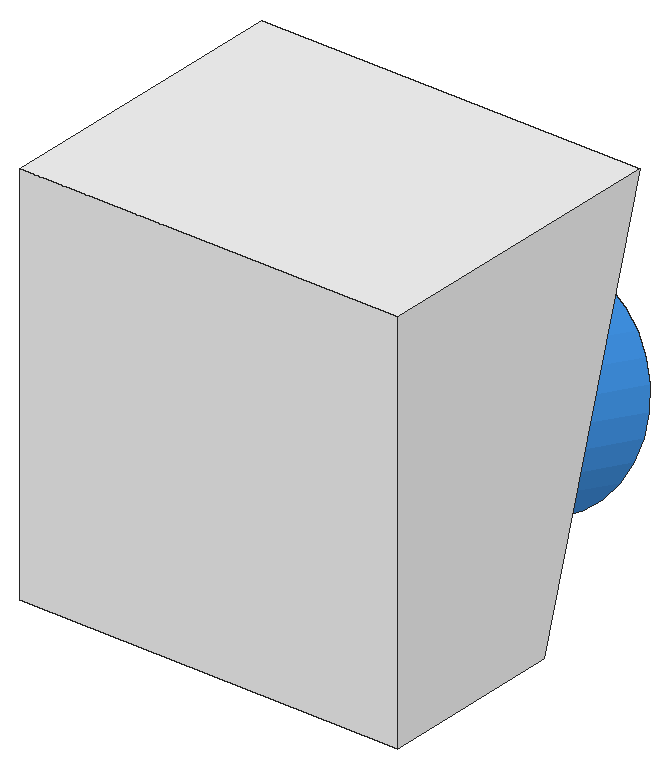
Revit family "Industrial Socket Outlet_Single Phase_Vertically Mounted", category Electrical Fixtures, Revit 2014
Parameters (values of type "#A Switched Weatherproof")
  Symbol_Offset_Maximum [instance] = 2500 mm  # constant formula
  Symbol_Offset_From Wall [instance] = 0 mm
  Symbol_Offset_Calculated [instance] = Symbol_Offset_Maximum - Symbol_Offset_Along Wall  # 2500 mm
  Symbol_Offset_Along Wall [instance] = 0 mm
  Material_Switch = Socket Blue
  Material = Electrical Fixture Faceplate
  Identity_Reference [instance] = ""
  Identity_Level [instance] = ""
  General_Weatherproof = yes
  General_Associated Equipment [instance] = ""
  Electrical_Voltage = 230 V
  Electrical_Power_Load Classification = Power
  Electrical_Power_Apparent = 0 VA
  Electrical_Power Factor = 1
  Electrical_Number of Poles = 1
  Electrical_Number of Phases = "SPN"
  Electrical_Current_Rated_Full Load = 0 A
  Dimensions_Length = 126 mm
  Dimensions_Height_Offset_Insertion [instance] = if(General_Mounting_Method_Top, 0 mm, if(General_Mounting_Method_Middle, Dimensions_Height / 2, if(General_Mounting_Method_Bottom, Dimensions_Height, 0 mm)))  # 0 mm
  Identity_NRM1_Description = "Power Installation"
  Identity_NRM1_Code = "5.8.2.1"
  Identity_Copyright = "Arup"  # constant formula
  Identity_Category = "PO"
  General_Mounting_Surface = yes
  General_Mounting_Method_Top [instance] = yes
  General_Mounting_Method_Middle [instance] = no
  General_Mounting_Method_Bottom [instance] = no
  General_Mounting_Method [instance] = if(General_Mounting_Method_Top, "Top", if(General_Mounting_Method_Middle, "Middle", if(General_Mounting_Method_Bottom, "Bottom", "Top")))  # "Top"
  Dimensions_Width = 126 mm
  Dimensions_Height_Mounting [instance] = 1050 mm
  Dimensions_Height = 129 mm
  Description = "Industrial Socket Outlet - Single Phase Unswitched Weatherproof"
  Control_Switch_Required = yes
  Control_Switch_No = not(Control_Switch_Required)  # no
  Control_Switch_Yes = not(Control_Switch_No)  # yes
  Component_Outlet_Power_Quantity = 1  # constant formula
  COBie.Type.NominalWidth [instance] = 126 mm
  COBie.Type.NominalLength [instance] = 126 mm
  COBie.Type.NominalHeight [instance] = 129 mm
  COBie.Type.Category = "L7471 : Terminal Devices - Socket Outlets"
Types (4, lengths in mm): name | General_Weatherproof | Dimensions_Length | Dimensions_Height_Offset_Insertion | General_Mounting_Method_Top | General_Mounting_Method_Middle | General_Mounting_Method | Description | Control_Switch_Required | Control_Switch_No | Control_Switch_Yes | COBie.Type.NominalLength
  #A Switched Weatherproof | yes | 126 | 0 | yes | no | "Top" | "Industrial Socket Outlet - Single Phase Unswitched Weatherproof" | yes | no | yes | 126
  #A Switched | no | 168 | 64.5 | no | yes | "Middle" | "Industrial Socket Outlet - Single Phase Switched" | yes | no | yes | 168
  #A Unswitched | no | 126 | 64.5 | no | yes | "Middle" | "Industrial Socket Outlet - Single Phase Unswitched" | no | yes | no | 168
  #A Unswitched Weatherproof | yes | 126 | 64.5 | no | yes | "Middle" | "Industrial Socket Outlet - Single Phase Unswitched Weatherproof" | no | yes | no | 126
Reference planes
  plane 1 "Center (Front/Back)": y = 0
  plane 2: z = 0
  plane 3 "Center (Left/Right)": x = 0
  plane 4 "Symbol Offset Along Wall": x = 0
  plane 5: x = 2500
  plane 6 "Symbol Offset From Wall": y = 0
  plane 7: z = 1050
  plane 8: z = 1050
Lines and regions (mm)
  symbolic lines, style "ElectricalFixtures", detail levels fine
    curve 1: line (-63, 101, 0) -> (-63, 0, 0)
    curve 2: line (-63, 0, 0) -> (63, 0, 0)
    curve 3: line (63, 0, 0) -> (63, 101, 0)
    curve 4: line (63, 101, 0) -> (-63, 101, 0)
  symbolic lines, style "ElectricalFixtures", visible <- "Control_Switch_Yes", detail levels fine
    curve 5: line (-46.881, 102.324, 0) -> (-46.881, 101, 0)
    curve 6: line (-46.881, 102.324, 0) -> (-9.888, 102.324, 0)
    curve 7: line (17.3, 122.254, 0) -> (17.3, 101, 0)
    curve 8: line (17.3, 122.254, 0) -> (33.1, 122.254, 0)
    curve 9: line (33.1, 101, 0) -> (33.1, 122.254, 0)
    curve 10: spline (33.1, 117.571, 0) -> (36.874, 117.246, 0) -> (40.502, 116.797, 0) -> (43.938, 116.232, 0) -> (47.139, 115.556, 0) -> (50.064, 114.778, 0) -> (52.677, 113.908, 0) -> (54.946, 112.958, 0) -> (56.841, 111.938, 0) -> (58.339, 110.861, 0) -> (59.421, 109.742, 0) -> (60.073, 108.594, 0) -> (60.288, 107.431, 0)
    curve 11: line (-9.888, 101, 0) -> (-9.888, 107.431, 0)
    curve 12: spline (-2.322, 101, 0) -> (-3.49, 101.463, 0) -> (-4.569, 101.945, 0) -> (-5.556, 102.444, 0) -> (-6.448, 102.958, 0) -> (-7.241, 103.486, 0) -> (-7.935, 104.027, 0) -> (-8.525, 104.578, 0) -> (-9.012, 105.138, 0) -> (-9.392, 105.705, 0) -> (-9.665, 106.277, 0) -> (-9.831, 106.854, 0) -> (-9.888, 107.431, 0)
    curve 13: spline (-9.888, 107.431, 0) -> (-9.673, 108.594, 0) -> (-9.021, 109.742, 0) -> (-7.939, 110.861, 0) -> (-6.441, 111.938, 0) -> (-4.546, 112.958, 0) -> (-2.277, 113.908, 0) -> (0.336, 114.778, 0) -> (3.261, 115.556, 0) -> (6.462, 116.232, 0) -> (9.898, 116.797, 0) -> (13.526, 117.246, 0) -> (17.3, 117.571, 0)
    curve 14: spline (60.288, 107.431, 0) -> (60.231, 106.854, 0) -> (60.065, 106.277, 0) -> (59.792, 105.705, 0) -> (59.412, 105.138, 0) -> (58.925, 104.578, 0) -> (58.335, 104.027, 0) -> (57.641, 103.486, 0) -> (56.848, 102.958, 0) -> (55.956, 102.444, 0) -> (54.969, 101.945, 0) -> (53.89, 101.463, 0) -> (52.722, 101, 0)
    curve 15: line (60.288, 101, 0) -> (60.288, 107.431, 0)
  symbolic lines, style "ElectricalFixtures", visible <- "Control_Switch_No", detail levels fine
    curve 16: line (-7.9, 122.254, 0) -> (-7.9, 101, 0)
    curve 17: line (-7.9, 122.254, 0) -> (7.9, 122.254, 0)
    curve 18: line (7.9, 101, 0) -> (7.9, 122.254, 0)
    curve 19: spline (7.9, 117.571, 0) -> (11.763, 117.236, 0) -> (15.471, 116.773, 0) -> (18.976, 116.187, 0) -> (22.231, 115.486, 0) -> (25.194, 114.679, 0) -> (27.825, 113.777, 0) -> (30.09, 112.791, 0) -> (31.959, 111.736, 0) -> (33.407, 110.623, 0) -> (34.416, 109.47, 0) -> (34.972, 108.289, 0) -> (35.068, 107.097, 0)
    curve 20: spline (-27.522, 101, 0) -> (-28.636, 101.441, 0) -> (-29.669, 101.898, 0) -> (-30.619, 102.371, 0) -> (-31.483, 102.858, 0) -> (-32.259, 103.358, 0) -> (-32.945, 103.87, 0) -> (-33.538, 104.391, 0) -> (-34.037, 104.921, 0) -> (-34.44, 105.458, 0) -> (-34.747, 106.001, 0) -> (-34.957, 106.548, 0) -> (-35.068, 107.097, 0)
    curve 21: spline (-35.068, 107.097, 0) -> (-34.972, 108.289, 0) -> (-34.416, 109.47, 0) -> (-33.407, 110.623, 0) -> (-31.959, 111.736, 0) -> (-30.09, 112.791, 0) -> (-27.825, 113.777, 0) -> (-25.194, 114.679, 0) -> (-22.231, 115.486, 0) -> (-18.976, 116.187, 0) -> (-15.471, 116.773, 0) -> (-11.763, 117.236, 0) -> (-7.9, 117.571, 0)
    curve 22: line (-35.068, 107.097, 0) -> (-35.068, 101, 0)
    curve 23: spline (35.068, 107.097, 0) -> (34.957, 106.548, 0) -> (34.747, 106.001, 0) -> (34.44, 105.458, 0) -> (34.037, 104.921, 0) -> (33.538, 104.391, 0) -> (32.945, 103.87, 0) -> (32.259, 103.358, 0) -> (31.483, 102.858, 0) -> (30.619, 102.371, 0) -> (29.669, 101.898, 0) -> (28.636, 101.441, 0) -> (27.522, 101, 0)
    curve 24: line (35.068, 107.097, 0) -> (35.068, 101, 0)
Dimensions and locks
  "Symbol_Offset_Maximum": plane 3 "Center (Left/Right)" to plane 5
  "Symbol_Offset_Calculated": plane 4 "Symbol Offset Along Wall" to plane 5
  "Dimensions_Height_Mounting": plane 8 to level
  "Dimensions_Height_Offset_Insertion": plane 7 to plane 8
  "Symbol_Offset_From Wall": plane 6 "Symbol Offset From Wall" to plane 1 "Center (Front/Back)"
  "COBie.Type.NominalWidth": nested 1 to nested 1
  "COBie.Type.NominalLength": nested 1 to nested 1
  "COBie.Type.NominalHeight": nested 1 to nested 1
  aligned and locked: level to plane 2
  aligned and locked: plane 4 "Symbol Offset Along Wall" to nested 2
  aligned and locked: nested 2 to plane 6 "Symbol Offset From Wall"
  aligned and locked: plane 7 to nested 1
Automatic sketch dimensions
  plane 1 "Center (Front/Back)" to curve 1 = 0 mm
  curve 20 to plane 3 "Center (Left/Right)" = 0 mm
  curve 21 to plane 3 "Center (Left/Right)" = 0 mm
  curve 16 to plane 3 "Center (Left/Right)" = 7.9 mm
  curve 11 to curve 16 = 1.988 mm
  curve 6 to curve 22 = 11.813 mm
  curve 1 to curve 5 = 16.119 mm
  plane 3 "Center (Left/Right)" to curve 17 = 7.9 mm
  curve 17 to curve 8 = 9.4 mm
  curve 7 to curve 8 = 15.8 mm
  curve 9 to curve 15 = 27.188 mm
  plane 3 "Center (Left/Right)" to curve 3 = 63 mm
  curve 1 to curve 4 = 101 mm
  curve 5 to curve 6 = 1.324 mm
  curve 22 to curve 22 = 6.097 mm
  curve 6 to curve 11 = 5.107 mm
  curve 15 to curve 15 = 6.431 mm
  curve 18 to curve 17 = 21.254 mm
  curve 17 to curve 8 = 0 mm
  curve 12 to plane 3 "Center (Left/Right)" = 2.322 mm
  curve 6 to curve 11 = 0 mm
  curve 22 to curve 20 = 7.546 mm
  curve 7 to curve 12 = 7.9 mm
  curve 14 to curve 12 = 0 mm
  curve 13 to curve 14 = 0 mm  (x2)
  curve 10 to curve 14 = 0 mm  (x2)
  curve 23 to curve 9 = 5.578 mm
  curve 9 to curve 24 = 1.968 mm
  curve 24 to curve 19 = 0.02 mm
  curve 20 to curve 19 = 0 mm
  curve 23 to curve 21 = 0 mm
  curve 14 to curve 15 = 7.566 mm
  curve 14 to curve 13 = 0 mm
  curve 12 to curve 13 = 0 mm
  curve 10 to curve 13 = 0 mm
  curve 14 to curve 10 = 0 mm
  curve 19 to curve 20 = 0.349 mm
  curve 21 to curve 23 = 0 mm
  curve 19 to plane 3 "Center (Left/Right)" = 0 mm
  curve 19 to curve 23 = 0 mm
  curve 21 to curve 20 = 0 mm
  curve 23 to plane 3 "Center (Left/Right)" = 0 mm
  curve 23 to curve 19 = 0 mm
Nested families
  nested 1: "Industrial Socket Outlet Geometry" at (0, 0, 985.5) x (-1, 0, 0) z (0, 1, 0), type "Industrial Socket Outlet Geometry"
    with Length 126 mm, Socket Offiset 25.2 mm
  nested 2: "Industrial Socket Outlet_Symbol" at (0, 0, 0), type "Industrial Socket Outlet_Symbol", detail levels coarse+medium
    with Switched yes
Connectors
  electrical at (0, 0, 985.5), driven by "Electrical_Power_Apparent", driven by "Electrical_Power_Load Classification", driven by "Electrical_Voltage", driven by "Electrical_Power Factor", driven by "Electrical_Number of Poles"
    settings: on nested 1, index 1, voltage 230 V, apparent load 0 VA, apparent load phase1 0 VA, apparent load phase2 0 VA, apparent load phase3 0 VA, power factor 1, load classification "Power", number of poles 1, system type 31, power factor state 1, is connector primary yes, connector utility no, sub classification motor no, connector description "Power"
Definition of nested family "Industrial Socket Outlet Geometry"
  Parameters (values of type "Industrial Socket Outlet Geometry")
    Length = 168 mm
    Switched = yes
    Socket Radius = 35.088 mm
    Socket Offiset = if(Switched, Length / 5, 0 mm)  # 33.6 mm
    Outlet Type Material = Socket Blue
    Height = 129 mm
    Width = 126 mm
    Default Elevation = 1219.2 mm
  Reference planes
    plane 1 "Center (Front/Back)": y = 0
    plane 2: z = 0
    plane 3 "Center (Left/Right)": x = 0
    plane 4: y = 64.5
    plane 5: y = -64.5
    plane 6: x = -84
    plane 7: x = 84
    plane 8: z = 126
    plane 9: z = 86
    plane 10: x = -33.6
  Forms (mm)
    Extrusion 1, solid, material "Socket"
      sketch origin (0, 0, 25) x (0, 1, 0) y (0, 0, 1)
        loop
          line (64.5, 76) -> (-64.5, 36) -> (-64.5, -25) -> (64.5, -25) -> (64.5, 76)
      from -84 to 84
    Extrusion 2, solid, material "Socket Blue" <- "Outlet Type Material", visible <- "Switched"
      sketch origin (0, 61.446, 100.053) x (0, -0.955136, -0.296166) y (1, 0, 0)
        loop
          line (56.832, 22.881) -> (71.832, 22.881) -> (71.832, 67.881) -> (56.832, 67.881) -> (56.832, 22.881)
      from 0 to 20
  Dimensions and locks
    equal spacing: plane 4, plane 1 "Center (Front/Back)", plane 5
    "Height": plane 4 to plane 5
    equal spacing: plane 6, plane 3 "Center (Left/Right)", plane 7
    "Length": plane 6 to plane 7
    "Width": plane 8 to plane 2
    locked: plane 8 to plane 9 at 40
    "Socket Offiset": plane 10 to plane 3 "Center (Left/Right)"
    aligned and locked: level to plane 2
    aligned and locked: plane 4 to Extrusion 1
    aligned and locked: Extrusion 1 to plane 5
    aligned and locked: Extrusion 1 to plane 6
    aligned and locked: plane 7 to Extrusion 1
    aligned and locked: plane 10 to nested 1
  Automatic sketch dimensions
    Extrusion 1 sketch curve to plane 5 = 0 mm
    Extrusion 1 sketch curve to level = 0 mm
    Extrusion 1 sketch curve to plane 4 = 0 mm
    level to Extrusion 1 sketch curve = 61 mm
    level to Extrusion 1 sketch curve = 101 mm
    Extrusion 1 to Extrusion 2 sketch curve = 16.119 mm
    Extrusion 1 to Extrusion 2 sketch curve = 60.03 mm
    Extrusion 1 to Extrusion 2 sketch curve = 61.119 mm
    Extrusion 2 sketch curve to Extrusion 2 sketch curve = 15 mm
  Nested families
    nested 1: "Commando Socket" at (-33.6, -7.122, 78.792) x (1, 0, 0) z (0, -0.2962, 0.9551), type "Commando Socket"
  Definition of nested family "Commando Socket"
    Parameters (values of type "Commando Socket")
      Outlet Type Material = Socket Blue
    Reference planes
      plane 1 "Center (Front/Back)": y = 0
      plane 2: z = 0
      plane 3 "Center (Left/Right)": x = 0
    Forms (mm)
      Extrusion 1, solid, material "Socket Blue" <- "Outlet Type Material"
        sketch origin (-201.427, -141.91, 0) x (1, 0, 0) y (0, 1, 0)
          loop
            arc (193.527, 176.097) -> (201.427, 106.822) -> (209.327, 176.097) r 35.088
            line (209.327, 176.097) -> (209.327, 191.91) -> (193.527, 191.91) -> (193.527, 176.097)
        from 0 to 30
    Dimensions and locks
      aligned and locked: level to plane 2
Definition of nested family "Industrial Socket Outlet_Symbol"
  Parameters (values of type "Industrial Socket Outlet_Symbol")
    Weatherproof = yes
    Switched = no
    No. of Phases = ""
    Full Rated Current = 0 A
  Reference planes
    plane 1: y = 0
    plane 2: x = 0
  Lines and regions (mm)
    detail lines, style "Power Socket Detail"
      curve 1: line (0, 2.5, 0) -> (0, 5.5, 0)
      curve 2: line (0, 0, 0) -> (1.768, 1.768, 0)
      curve 3: line (0, 0, 0) -> (-1.768, 1.768, 0)
    detail lines, style "Power Socket Main"
      curve 4: line (-2.5, 0, 0) -> (2.5, 0, 0)
      curve 5: arc (2.5, 0, 0) -> (0, 2.5, 0) -> (-2.5, 0, 0) r 2.5
    detail lines, style "Power Socket Detail", visible <- "Switched"
      curve 6: circle (0, 3, 0) r 0.5 normal (0, 0, 1)
  Text (mm)
    label "No. of Phases" at (-0.013, 7.304, 0), shows "No. of Phases"
    text "WP" at (-0.091, 14.181, 0), visible <- "Weatherproof"
    label "Full Rated Current" at (-0.013, 10.054, 0), shows "Full Rated Current"
